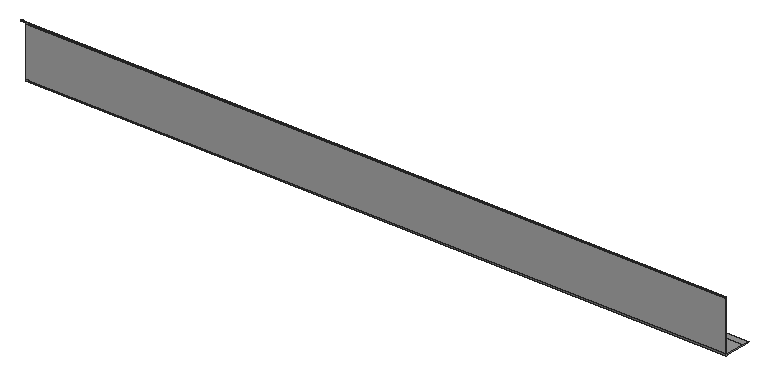
Revit family "SBK 2400-2700", category Generic Models, Revit 2014
Parameters (values of type "Max lintel length 2700mm")
  URL = "http://www.keystonelintels.co.uk"
  Structural Opening [instance] = 2100 mm
  Structural Performance = "The Keystone lintel range has safe working loads as detailed in each applicable loading table in the Keystone Lintel Guide brochure. The structural performance figures within each table have been ascertained by testing in accordance with the requirements of standards BS EN 5977-2: 1983 and BS EN 845-2: 2003."
  RIBA Productor Selector = "available for Keystone Lintels Ltd from Keystone Lintels Ltd from ribaproductselector.com"
  Model = "SB/K 2400-2700"
  Min Length = 2400 mm
  Min Clear Span = 300 mm
  Max Length = 2700 mm
  Max Clear Span = 4800 mm
  Material - Stainless Steel = "Grade 304 2b 1.4307 to BS EN 10088-2. Other grades available on request: contact manufacturer."
  Material - Galvanised Steel = "To BS EN 10346: 2009. DX51D plus Z600 or grade Z275 to BS 5977-2: 1983 (BS EN 845-2: 2003)."
  Manufacturer = "Keystone"
  Manufactured Length [instance] = (roundup(Effective Length / 150 mm) * 150 mm)  # 2400 mm
  Lintel height [instance] = 2100 mm
  Keynote = "F30/755"
  Fire Performance = "Keystone lintels have been subjected to a fire test (WARRES No. 101263) in accordance with BS 476-20: 1987, at Exova Warrington Fire and achieved a one hour fire performance."
  End Bearing = 150 mm
  Effective Length [instance] = Clear Opening with MIN MAX set + End Bearing * 2  # 2400 mm
  Corrosion = "Keystone’s standard range of lintels are manufactured from high quality grade pre-galvanized carbon steel with a zinc coating of 600"
  Contact Tel = "+44 (0)28 8676 2184"
  Contact Email = "info@keystonelintels.co.uk"
  Clear Opening with MIN MAX set [instance] = if(Structural Opening < Min Clear Span, Min Clear Span, (if(Structural Opening > Max Clear Span, Max Clear Span, Structural Opening)))  # 2100 mm
  CPD Information = "Available for Keystone Lintels Ltd from ribacpd.com"
Reference planes
  plane 1 "Center (Front/Back)": y = 0
  plane 2: z = 0
  plane 3 "Center (Left/Right)": x = 0
  plane 4: x = -1200
  plane 5: x = 1200
  plane 6: z = 2100
  plane 7: x = -1050
  plane 8: x = 1050
Forms (mm)
  Extrusion 1, solid, material "Steel"
    sketch origin (0, 754.306, -510.666) x (0, 1, 0) y (0, 0, 1)
      loop
        line (-680.994, 2613.866) -> (-746.106, 2613.866)
        arc (-746.106, 2613.866) -> (-749.642, 2615.33) -> (-751.106, 2618.866) r 5
        line (-751.106, 2618.866) -> (-751.106, 2789.927)
        arc (-751.106, 2789.927) -> (-751.807, 2792.79) -> (-753.75, 2795.006) r 6.2
        line (-753.75, 2795.006) -> (-776.155, 2810.694) -> (-777.991, 2808.073) -> (-755.586, 2792.385)
        arc (-755.586, 2792.385) -> (-754.645, 2791.313) -> (-754.306, 2789.927) r 3
        line (-754.306, 2789.927) -> (-754.306, 2618.866)
        arc (-754.306, 2618.866) -> (-751.905, 2613.067) -> (-746.106, 2610.666) r 8.2
        line (-746.106, 2610.666) -> (-681.05, 2610.666) -> (-656.094, 2609.788) -> (-655.982, 2612.986) -> (-680.994, 2613.866)
    from -1200 to 1200
  Extrusion 2, solid, not visible
    sketch origin (0, 813.463, 1118.572) x (0, 1, 0) y (0, 0, 1)
      loop
        line (-680.994, 1013.866) -> (-746.106, 1013.866)
        arc (-746.106, 1013.866) -> (-749.642, 1015.33) -> (-751.106, 1018.866) r 5
        line (-751.106, 1018.866) -> (-751.106, 1189.927)
        arc (-751.106, 1189.927) -> (-751.807, 1192.79) -> (-753.75, 1195.006) r 6.2
        line (-753.75, 1195.006) -> (-776.155, 1210.694) -> (-777.991, 1208.073) -> (-755.586, 1192.385)
        arc (-755.586, 1192.385) -> (-754.645, 1191.313) -> (-754.306, 1189.927) r 3
        line (-754.306, 1189.927) -> (-754.306, 1018.866)
        arc (-754.306, 1018.866) -> (-751.905, 1013.067) -> (-746.106, 1010.666) r 8.2
        line (-746.106, 1010.666) -> (-681.05, 1010.666) -> (-656.094, 1009.788) -> (-655.982, 1012.986) -> (-680.994, 1013.866)
    from 0 to 250
Dimensions and locks
  equal spacing: plane 4, plane 3 "Center (Left/Right)", plane 5
  "Manufactured Length": plane 4 to plane 5
  "Lintel height": plane 6 to level
  "Structural Opening": plane 7 to plane 8
  equal spacing: plane 7, plane 3 "Center (Left/Right)", plane 8
  aligned and locked: level to plane 2
  aligned and locked: Extrusion 1 to plane 6
  aligned and locked: plane 5 to Extrusion 1
  aligned and locked: Extrusion 1 to plane 4
Automatic sketch dimensions
  Extrusion 1 sketch curve to Extrusion 1 sketch curve = 0.112 mm
  Extrusion 1 sketch curve to Extrusion 1 sketch curve = 25.012 mm
  Extrusion 1 sketch curve to Extrusion 1 sketch curve = 0.056 mm
  Extrusion 1 sketch curve to Extrusion 1 sketch curve = 65.056 mm
  Extrusion 1 sketch curve to Extrusion 1 sketch curve = 5 mm
  Extrusion 1 sketch curve to Extrusion 1 sketch curve = 0 mm  (x8)
  Extrusion 1 sketch curve to Extrusion 1 sketch curve = 171.062 mm
  Extrusion 1 sketch curve to Extrusion 1 sketch curve = 3 mm
  Extrusion 1 sketch curve to Extrusion 1 sketch curve = 1.279 mm
  Extrusion 1 sketch curve to Extrusion 1 sketch curve = 1.835 mm  (x2)
  Extrusion 1 sketch curve to Extrusion 1 sketch curve = 15.688 mm
  Extrusion 1 sketch curve to Extrusion 1 sketch curve = 2.621 mm
  Extrusion 2 sketch curve to Extrusion 2 sketch curve = 0.112 mm
  Extrusion 2 sketch curve to Extrusion 2 sketch curve = 25.012 mm
  Extrusion 2 sketch curve to Extrusion 2 sketch curve = 0.056 mm
  Extrusion 2 sketch curve to Extrusion 2 sketch curve = 65.056 mm
  Extrusion 2 sketch curve to Extrusion 2 sketch curve = 5 mm
  Extrusion 2 sketch curve to Extrusion 2 sketch curve = 0 mm  (x8)
  Extrusion 2 sketch curve to Extrusion 2 sketch curve = 171.062 mm
  Extrusion 2 sketch curve to Extrusion 2 sketch curve = 3 mm
  Extrusion 2 sketch curve to Extrusion 2 sketch curve = 1.279 mm
  Extrusion 2 sketch curve to Extrusion 2 sketch curve = 1.835 mm  (x2)
  Extrusion 2 sketch curve to Extrusion 2 sketch curve = 15.688 mm
  Extrusion 2 sketch curve to Extrusion 2 sketch curve = 2.621 mm
  Extrusion 1 sketch curve to plane 1 "Center (Front/Back)" = 0 mm
  Extrusion 1 sketch curve to plane 6 = 0 mm
